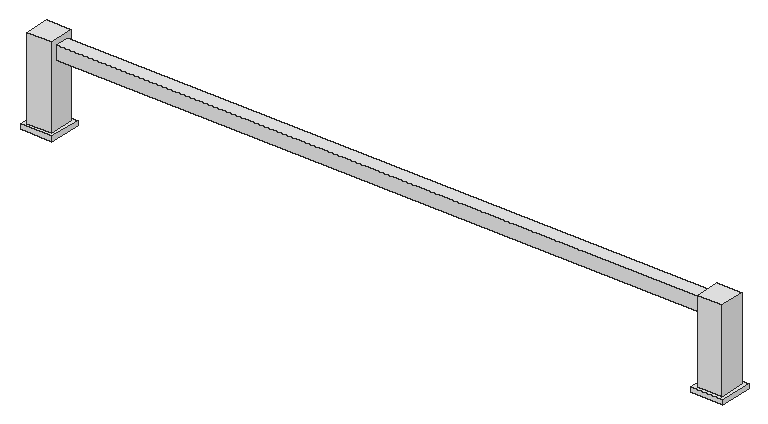
Revit family "Towel Rail-Single-Caroma Quatro", category Specialty Equipment, host Face, Revit 2013
Parameters (values of type "Single Towel Rail-600mm")
  URL = "http://www.caroma.com.au/"
  Type Comments = if(Size = 1, "Caroma Quatro Single Towel Rail 600mm", "Caroma Quatro Single Towel Rail 900mm")  # "Caroma Quatro Single Towel Rail 600mm"
  Size = 1
  ModifiedIssue_ANZRS = 1  # constant formula
  Model = if(Size = 1, "90727C", "90729C")  # "90727C"
  Material_ANZRS = Metal-Chrome-Caroma
  Manufacturer = "GWA Bathrooms & Kitchens"  # constant formula
  Length_ANZRS = if(Size = 1, 592 mm, 892 mm)  # 592 mm
  Description = ""
  Default Elevation = 900 mm
  CreatedBy_ANZRS = "Design Content"  # constant formula
  CreatedByURL_ANZRS = "www.designcontent.com.au"
  Cost = 0
  Assembly Code = "C1030200"
Types (3, lengths in mm): name | Type Comments | Size | Model | Length_ANZRS
  (no name) | "Caroma Quatro Single Towel Rail 600mm" | 1 | "90727C" | 592
  Single Towel Rail-600mm | "Caroma Quatro Single Towel Rail 600mm" | 1 | "90727C" | 592
  Single Towel Rail-900mm | "Caroma Quatro Single Towel Rail 900mm" | 2 | "90729C" | 892
Reference planes
  plane 1 "Center (Elevation)": y = 0
  plane 2 "Back": z = 0
  plane 3 "Center (Left/Right)": x = 0
  plane 4 "Left": x = -296
  plane 5 "Right": x = 296
  plane 6 "Top": y = 13.966
  plane 7 "Bottom": y = -14
  plane 8 "Front": z = 76
Forms (mm)
  Extrusion 1, solid, material "Metal-Chrome-Caroma" <- "Material_ANZRS"
    sketch origin (0, 0, 0) x (0, 1, 0) y (0, 0, 1)
      loop
        line (6, 72) -> (-6, 72) -> (-6, 60) -> (6, 60) -> (6, 72)
    from -296 to 296
  Extrusion 2, solid, material "Metal-Chrome-Caroma" <- "Material_ANZRS"
    sketch origin (0, 0, 0) x (1, 0, 0) y (0, 1, 0)
      loop
        line (-310, 13.966) -> (-310, -14) -> (-282, -14) -> (-282, 13.966) -> (-310, 13.966)
      loop
        line (310, 13.966) -> (282, 13.966) -> (282, -14) -> (310, -14) -> (310, 13.966)
    from 0 to 4
  Extrusion 3, solid, material "Metal-Chrome-Caroma" <- "Material_ANZRS"
    sketch origin (0, 0, 0) x (1, 0, 0) y (0, 1, 0)
      loop
        line (-307, 10.966) -> (-307, -11) -> (-285, -11) -> (-285, 10.966) -> (-307, 10.966)
      loop
        line (307, 10.966) -> (285, 10.966) -> (285, -11) -> (307, -11) -> (307, 10.966)
    from 4 to 76
Cuts and joins
  joined: Extrusion 1, Extrusion 2, Extrusion 3
Dimensions and locks
  "Length_ANZRS": plane 4 "Left" to plane 5 "Right"
  equal spacing: plane 4 "Left", plane 3 "Center (Left/Right)", plane 5 "Right"
  Extrusion 2 sketch curve to plane 4 "Left" to Extrusion 2 sketch curve = 14 mm locked, 14 mm locked
  Extrusion 2 sketch curve to plane 5 "Right" to Extrusion 2 sketch curve = 14 mm locked, 14 mm locked
  Extrusion 3 sketch curve to plane 4 "Left" to Extrusion 3 sketch curve = 11 mm locked, 11 mm locked
  Extrusion 3 sketch curve to plane 5 "Right" to Extrusion 3 sketch curve = 11 mm locked, 11 mm locked
  aligned and locked: plane 2 "Back" to host face
  aligned and locked: level to host face
  aligned and locked: Extrusion 1 to plane 4 "Left"
  aligned and locked: plane 5 "Right" to Extrusion 1
  aligned and locked: Extrusion 2 sketch curve to plane 7 "Bottom"
  aligned and locked: plane 6 "Top" to Extrusion 2 sketch curve
Automatic sketch dimensions
  host sketch curve to host sketch curve = 2438.4 mm  (x2)
  plane 1 "Center (Elevation)" to Extrusion 1 sketch curve = 6 mm
  Extrusion 1 sketch curve to plane 1 "Center (Elevation)" = 6 mm
  Extrusion 1 sketch curve to plane 8 "Front" = 16 mm
  Extrusion 1 sketch curve to plane 8 "Front" = 4 mm
  plane 7 "Bottom" to Extrusion 2 sketch curve = 0 mm
  plane 6 "Top" to Extrusion 2 sketch curve = 0 mm
  Extrusion 3 sketch curve to plane 7 "Bottom" = 3 mm  (x2)
  plane 6 "Top" to Extrusion 3 sketch curve = 3 mm  (x2)
